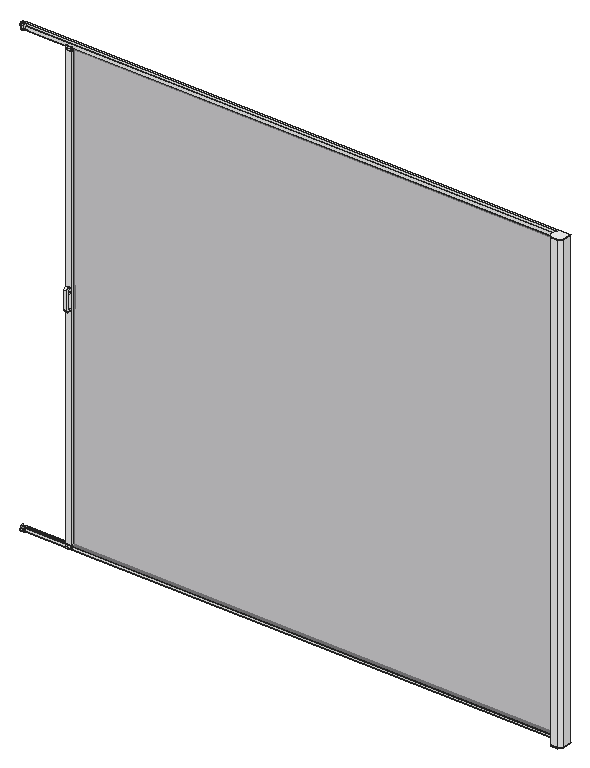
Revit family "Wall_Mount-Sliding-Phantom_Screens-Single_Parting-Manual_Wall_Screen-CS", category Specialty Equipment, Revit 2017 (continued)
Definition of nested family "Nested-Phantom_Screens-Manual-Extrusion-Latch"
  Forms (in)
    Extrusion 3, solid, material <- "Finish", visible <- "Bottom Cap"
      sketch origin (-7.53125, 0, 0) x (1, 0, 0) y (0, 0, 1)
        loop
          arc (7.41717, -0.24488) -> (7.45697, -0.1488) -> (7.55305, -0.109) r 0.13588
          line (7.55305, -0.109) -> (7.80413, -0.109)
          arc (7.80413, -0.109) -> (7.90074, -0.14902) -> (7.94076, -0.24564) r 0.13664
          line (7.94076, -0.24564) -> (7.94076, -0.39) -> (8.05396, -0.39) -> (8.05396, -0.03125) -> (7.9429, -0.03125) -> (7.4603, 0.19379)
          arc (7.4603, 0.19379) -> (7.41411, 0.19186) -> (7.38925, 0.15288) r 0.05
          line (7.38925, 0.15288) -> (7.37587, 0) -> (6.90087, 0) -> (6.90087, -0.39)
      from 0 to 0.53
    Extrusion 4, void
      sketch origin (0, -0.00195, -0.07813) x (0, 1, 0) y (0, 0, 1)
        loop
          arc (-0.28381, -0.31471) -> (-0.43414, -0.19941) -> (-0.55386, -0.05258) r 0.81687
          line (-0.55386, -0.05258) -> (-0.59957, -0.05258) -> (-0.59957, -0.44098) -> (-0.28381, -0.44098) -> (-0.28381, -0.31471)
      from -0.6543 to 0.54578
    Extrusion 5, void
      sketch origin (0, 0, -0.21215) x (0, 1, 0) y (0, 0, 1)
        loop
          line (0.07402, -0.67676) -> (0.07402, 0.29535) -> (-0.38672, 0.29535) -> (-0.38672, -0.67676) -> (0.07402, -0.67676)
      from -0.73725 to 0.72397
    Extrusion 6, void
      sketch origin (0, 0, 0.21215) x (0, 1, 0) y (0, 0, 1)
        loop
          line (0.07402, 0) -> (-0.38672, 0) -> (-0.38672, -0.29535) -> (0.07402, -0.29535) -> (0.07402, 0)
      from -0.73725 to 0.72397
  Cuts and joins
    Extrusion 2, Extrusion 5 cuts Extrusion 1
    Extrusion 4, Extrusion 6 cuts Extrusion 3
  Dimensions and locks (in)
    Extrusion 2 sketch curve to Extrusion 2 sketch curve to plane 6 "Front" to Extrusion 2 sketch curve to Extrusion 2 sketch curve = 0' - 0.41862" locked, 0' - 0.24424" locked, 0' - 0.02582" locked, 0' - 0.04571" locked
    plane 2 to Extrusion 2 sketch curve to Extrusion 2 sketch curve to Extrusion 2 sketch curve = 0' - 0.1307" locked, 0' - 0.26213" locked, 0' - 0.12628" locked
    Extrusion 1 sketch curve to Extrusion 1 sketch curve to Extrusion 1 sketch curve to Extrusion 1 sketch curve to Extrusion 1 sketch curve to Extrusion 1 sketch curve to plane 3 "Center (Left/Right)" to Extrusion 1 sketch curve to Extrusion 1 sketch curve to Extrusion 1 sketch curve to Extrusion 1 sketch curve = 0' - 0.1137" locked, 0' - 0.27363" locked, 0' - 0.08767" locked, 0' - 0.07777" locked, 0' - 0.03896" locked, 0' - 0.03865" locked, 0' - 0.09723" locked, 0' - 0.17564" locked, 0' - 0.13664" locked, 0' - 0.1132" locked
    Extrusion 1 sketch curve to Extrusion 1 sketch curve to level to Extrusion 1 sketch curve to Extrusion 1 sketch curve to Extrusion 1 sketch curve to Extrusion 1 sketch curve to Extrusion 1 sketch curve to Extrusion 1 sketch curve to Extrusion 1 sketch curve to Extrusion 1 sketch curve to Extrusion 1 sketch curve = 0' - 0.49891" locked, 0' - 0.39" locked, 0' - 0" locked, 0' - 0.109" locked, 0' - 0.13588" locked, 0' - 0" locked, 0' - 0" locked, 0' - 0.00075" locked, 0' - 0.14436" locked, 0' - 0" locked, 0' - 0" locked
    plane 5 "Right" to plane 3 "Center (Left/Right)" to plane 4 "Left" = 0' - 0.52271" locked, 0' - 0.63038" locked
    plane 1 "Back" to plane 6 "Front" = 0' - 0.53"
    Extrusion 4 sketch curve to Extrusion 4 sketch curve to Extrusion 4 sketch curve to Extrusion 4 sketch curve = 0' - 0.41862" locked, 0' - 0.27006" locked, 0' - 0.04571" locked
    Extrusion 4 sketch curve to Extrusion 4 sketch curve to Extrusion 4 sketch curve to plane 2 = 0' - 0.12628" locked, 0' - 0.26213" locked, 0' - 0.1307" locked
    Extrusion 3 sketch curve to Extrusion 3 sketch curve to Extrusion 3 sketch curve to Extrusion 3 sketch curve to Extrusion 3 sketch curve to Extrusion 3 sketch curve to Extrusion 3 sketch curve to Extrusion 3 sketch curve to Extrusion 3 sketch curve to Extrusion 3 sketch curve to Extrusion 3 sketch curve to Extrusion 3 sketch curve = 0' - 0.1137" locked, 0' - 0.27363" locked, 0' - 0.08767" locked, 0' - 0.01338" locked, 0' - 0.02792" locked, 0' - 0.04313" locked, 0' - 0.09275", 0' - 0.25107" locked, 0' - 0.13664" locked, 0' - 0.00214" locked, 0' - 0.11106" locked
    Extrusion 3 sketch curve to Extrusion 3 sketch curve to Extrusion 3 sketch curve to plane 2 to Extrusion 3 sketch curve to Extrusion 3 sketch curve to Extrusion 3 sketch curve to Extrusion 3 sketch curve to Extrusion 3 sketch curve to Extrusion 3 sketch curve to Extrusion 3 sketch curve to Extrusion 3 sketch curve to Extrusion 3 sketch curve = 0' - 0.04091" locked, 0' - 0.15288" locked, 0' - 0" locked, 0' - 0 1/32" locked, 0' - 0.07775" locked, 0' - 0.13588" locked, 0' - 0" locked, 0' - 0" locked, 0' - 0.00075" locked, 0' - 0.14436" locked, 0' - 0" locked, 0' - 0" locked
    Extrusion 5 sketch curve to level to Extrusion 5 sketch curve = 0' - 0.88891" locked, 0' - 0.08319" locked
    Extrusion 5 sketch curve to plane 1 "Back" to Extrusion 5 sketch curve = 0' - 0.07402" locked, 0' - 0 99/256" locked
    Extrusion 6 sketch curve to plane 2 to Extrusion 6 sketch curve = 0' - 0.21215" locked, 0' - 0.08319" locked
    Extrusion 6 sketch curve to plane 1 "Back" to Extrusion 6 sketch curve = 0' - 0.07402" locked, 0' - 0 99/256" locked
    aligned and locked: plane 2 to level
    aligned and locked: Extrusion 1 sketch curve to cut or joined group of Extrusion 3, Extrusion 4, Extrusion 6
Definition of nested family "Nested-Phantom_Screens-Manual-Recessed-Extrusion-Latch"
  Parameters (values of type "Bottom Cap")
    URL = "https://www.phantomscreens.com/"
    Type Comments = "Bottom Pull Cap"
    Model = "Retractable Door Screen"  # constant formula
    Manufacturer = "Phantom Mfg. (Int'l) Ltd."  # constant formula
    Finish = none
    Description = "For Phantom Mfg. Models Only"  # constant formula
    Bottom Offset = if(Bottom Cap, 0' 0 95/256", 0' 0")  # 0' - 0 95/256"
    Bottom Cap = yes
  Reference planes (in)
    plane 1 "Back": y = 0
    plane 2: z = 0
    plane 3 "Center (Left/Right)": x = 0
    plane 4 "Left": x = -0.63038
    plane 5 "Right": x = 0.52271
    plane 6 "Front": y = -0.53
  Forms (in)
    Extrusion 1, solid, material <- "Finish", visible <- "Bottom Cap"
      sketch origin (-7.53125, 0, 0) x (1, 0, 0) y (0, 0, 1)
        loop
          line (6.90087, -0.109) -> (8.05396, -0.109) -> (8.05396, -0.03125) -> (7.9429, -0.03125) -> (7.4603, 0.19379)
          arc (7.4603, 0.19379) -> (7.41411, 0.19186) -> (7.38925, 0.15288) r 0.05
          line (7.38925, 0.15288) -> (7.37587, 0) -> (6.90087, 0) -> (6.90087, -0.109)
      from 0 to 0.53
    Extrusion 2, void
      sketch origin (0, 0, 0.21215) x (0, 1, 0) y (0, 0, 1)
        loop
          line (-0.53, 0) -> (-0.53, -0.29535) -> (-0.1329, -0.29535) -> (-0.1329, 0) -> (-0.53, 0)
      from -0.73725 to 0.72397
  Cuts and joins
    Extrusion 2 cuts Extrusion 1
  Dimensions and locks (in)
    plane 5 "Right" to plane 3 "Center (Left/Right)" to plane 4 "Left" = 0' - 0.52271" locked, 0' - 0.63038" locked
    plane 1 "Back" to plane 6 "Front" = 0' - 0.53"
    Extrusion 1 sketch curve to Extrusion 1 sketch curve to Extrusion 1 sketch curve to Extrusion 1 sketch curve to Extrusion 1 sketch curve to Extrusion 1 sketch curve = 0' - 0.475", 0' - 0.01338" locked, 0' - 0.07105", 0' - 0.4826", 0' - 0.11106" locked
    Extrusion 1 sketch curve to Extrusion 1 sketch curve to Extrusion 1 sketch curve to plane 2 to Extrusion 1 sketch curve to Extrusion 1 sketch curve = 0' - 0.04091" locked, 0' - 0.15288" locked, 0' - 0" locked, 0' - 0 1/32" locked, 0' - 0.07775" locked
    Extrusion 2 sketch curve to plane 2 to Extrusion 2 sketch curve = 0' - 0.21215" locked, 0' - 0.08319" locked
    plane 1 "Back" to Extrusion 2 sketch curve to Extrusion 2 sketch curve = 0' - 0.1329", 0' - 0.3971"
    locked: Extrusion 2 to plane 6 "Front" at 0.3971
    aligned and locked: plane 2 to level
Definition of nested family "Nested-Detail-Phantom_Screens-Slide_Bar"
  Parameters (values of type "Slide Bar")
    URL = "https://www.phantomscreens.com/"
    Type Comments = "For Use With Phantom Models Only"  # constant formula
    Manufacturer = "Phantom Mfg. (Int'l) Ltd."  # constant formula
    Description = "Slide Bar"  # constant formula
  Reference planes (in)
    plane 1 "Center (Front/Back)": y = 0
    plane 2: z = 0
    plane 3 "Center (Left/Right)": x = 0
  Lines and regions (in)
    Masking region 1, in view "Ref. Level", detail levels medium+fine
      outline origin (0, 0.43304, 0) x (1, 0, 0) y (0, 1, 0)
        loop
          line (0.80708, -0.24652) -> (0.73563, -0.23476)
          arc (0.73563, -0.23476) -> (0.59606, -0.18402) -> (0.73563, -0.13328) r 0.07901
          line (0.73563, -0.13328) -> (0.80708, -0.12151)
          arc (0.80708, -0.12151) -> (0.8488, -0.10423) -> (0.86608, -0.06251) r 0.05901
          line (0.86608, -0.06251) -> (0.86608, -0.03)
          arc (0.86608, -0.03) -> (0.8573, -0.00879) -> (0.83608, 0) r 0.03
          line (0.83608, 0) -> (-0.64506, 0)
          arc (-0.64506, 0) -> (-0.66456, -0.0195) -> (-0.64506, -0.039) r 0.0195
          line (-0.64506, -0.039) -> (-0.59057, -0.039) -> (-0.59057, -0.10001) -> (-0.81748, -0.10001) -> (-0.81748, -0.039) -> (-0.76307, -0.039)
          arc (-0.76307, -0.039) -> (-0.74357, -0.0195) -> (-0.76307, 0) r 0.0195
          line (-0.76307, 0) -> (-0.86608, 0) -> (-0.86608, -0.27403) -> (-0.82708, -0.27403) -> (-0.82708, -0.23052)
          arc (-0.82708, -0.23052) -> (-0.79658, -0.20002) -> (-0.76607, -0.23052) r 0.0305
          line (-0.76607, -0.23052) -> (-0.76607, -0.27403) -> (-0.66606, -0.27403) -> (-0.66606, -0.35603) -> (-0.76607, -0.35603) -> (-0.76607, -0.39954)
          arc (-0.76607, -0.39954) -> (-0.79658, -0.43004) -> (-0.82708, -0.39954) r 0.0305
          line (-0.82708, -0.39954) -> (-0.82708, -0.35453) -> (-0.86608, -0.35453) -> (-0.86608, -0.66506) -> (-0.66506, -0.86608) -> (0.83608, -0.86608)
          arc (0.83608, -0.86608) -> (0.8573, -0.8573) -> (0.86608, -0.83608) r 0.03
          line (0.86608, -0.83608) -> (0.86608, -0.30553)
          arc (0.86608, -0.30553) -> (0.8488, -0.26381) -> (0.80708, -0.24652) r 0.05901
    Masking region 2, in view "Ref. Level", detail levels fine
      outline origin (0, 0.43304, 0) x (1, 0, 0) y (0, 1, 0)
        loop
          line (0.80708, -0.31203) -> (0.67506, -0.31203)
          arc (0.67506, -0.31203) -> (0.58455, -0.27454) -> (0.54705, -0.18402) r 0.12801
          line (0.54705, -0.18402) -> (0.54705, -0.05901) -> (-0.54365, -0.05901)
          arc (-0.54365, -0.05901) -> (-0.55302, -0.12128) -> (-0.60906, -0.15001) r 0.06901
          line (-0.60906, -0.15001) -> (-0.68357, -0.15001)
          arc (-0.68357, -0.15001) -> (-0.71605, -0.18372) -> (-0.68115, -0.21521) r 0.0325
          arc (-0.68115, -0.21521) -> (-0.6291, -0.23347) -> (-0.60706, -0.28403) r 0.06901
          line (-0.60706, -0.28403) -> (-0.60706, -0.34603)
          arc (-0.60706, -0.34603) -> (-0.62727, -0.39483) -> (-0.67606, -0.41504) r 0.06901
          line (-0.67606, -0.41504) -> (-0.71607, -0.41504) -> (-0.71607, -0.48905) -> (-0.80708, -0.48905) -> (-0.80708, -0.64062) -> (-0.64062, -0.80708) -> (-0.15401, -0.80708) -> (-0.15401, -0.71007)
          arc (-0.15401, -0.71007) -> (-0.14686, -0.66942) -> (-0.12625, -0.63366) r 0.11901
          arc (-0.12625, -0.63366) -> (-0.08539, -0.63004) -> (-0.08101, -0.67154) r 0.029
          arc (-0.08101, -0.67154) -> (-0.035, -0.77007) -> (0.01177, -0.6709) r 0.06001
          arc (0.01177, -0.6709) -> (0.01538, -0.63004) -> (0.05624, -0.63366) r 0.029
          arc (0.05624, -0.63366) -> (0.07685, -0.66942) -> (0.08401, -0.71007) r 0.11901
          line (0.08401, -0.71007) -> (0.08401, -0.80708) -> (0.80708, -0.80708) -> (0.80708, -0.31203)
    Masking region 3, in view "Ref. Level", detail levels coarse
      outline origin (0, 0, 0) x (1, 0, 0) y (0, 1, 0)
        loop
          line (-0.86608, 0.43304) -> (-0.86608, -0.43304) -> (0.86608, -0.43304) -> (0.86608, 0.43304) -> (-0.86608, 0.43304)
  Dimensions and locks (in)
    Masking region 1 sketch curve to Masking region 1 sketch curve to Masking region 1 sketch curve to Masking region 1 sketch curve to Masking region 1 sketch curve to Masking region 1 sketch curve to Masking region 1 sketch curve to Masking region 1 sketch curve to Masking region 1 sketch curve to Masking region 1 sketch curve to Masking region 1 sketch curve to Masking region 1 sketch curve to plane 3 "Center (Left/Right)" to Masking region 1 sketch curve to Masking region 1 sketch curve to Masking region 1 sketch curve to Masking region 1 sketch curve to Masking region 1 sketch curve to Masking region 1 sketch curve = 0' - 0" locked, 0' - 0.039" locked, 0' - 0" locked, 0' - 0.0096" locked, 0' - 0.05141" locked, 0' - 0" locked, 0' - 0.0225" locked, 0' - 0.07751" locked, 0' - 0.001" locked, 0' - 0.0005" locked, 0' - 0.07399" locked, 0' - 0.59057" locked, 0' - 0.59606" locked, 0' - 0.21102" locked, 0' - 0" locked, 0' - 0.029" locked, 0' - 0.03" locked, 0' - 0" locked
    Masking region 1 sketch curve to Masking region 1 sketch curve to Masking region 1 sketch curve to Masking region 1 sketch curve to Masking region 1 sketch curve to Masking region 1 sketch curve to Masking region 1 sketch curve to Masking region 1 sketch curve to Masking region 1 sketch curve to Masking region 1 sketch curve to Masking region 1 sketch curve to Masking region 1 sketch curve to Masking region 1 sketch curve to Masking region 1 sketch curve to Masking region 1 sketch curve to Masking region 1 sketch curve to plane 1 "Center (Front/Back)" to Masking region 1 sketch curve to Masking region 1 sketch curve = 0' - 0" locked, 0' - 0.039" locked, 0' - 0" locked, 0' - 0.0235" locked, 0' - 0.0375" locked, 0' - 0.005" locked, 0' - 0.0165" locked, 0' - 0.07851" locked, 0' - 0.0465" locked, 0' - 0.0275" locked, 0' - 0" locked, 0' - 0.0315" locked, 0' - 0.049" locked, 0' - 0.0015" locked, 0' - 0.07401" locked, 0' - 0.003" locked, 0' - 0.23202" locked, 0' - 0.20102" locked
    Masking region 2 sketch curve to Masking region 2 sketch curve to Masking region 2 sketch curve to Masking region 2 sketch curve to Masking region 2 sketch curve to Masking region 2 sketch curve to Masking region 2 sketch curve to Masking region 2 sketch curve to Masking region 2 sketch curve to Masking region 2 sketch curve to Masking region 2 sketch curve to Masking region 2 sketch curve to Masking region 2 sketch curve to Masking region 2 sketch curve = 0' - 0.09101" locked, 0' - 0" locked, 0' - 0.07545" locked, 0' - 0.03356" locked, 0' - 0.06701" locked, 0' - 0.38604" locked, 0' - 0.02777" locked, 0' - 0 1/32" locked, 0' - 0.15125" locked, 0' - 0.02777" locked, 0' - 0.46304" locked, 0' - 0.12801" locked, 0' - 0.13201" locked
    Masking region 2 sketch curve to Masking region 2 sketch curve to Masking region 2 sketch curve to Masking region 2 sketch curve to Masking region 2 sketch curve to Masking region 2 sketch curve to Masking region 2 sketch curve to Masking region 2 sketch curve to Masking region 2 sketch curve to Masking region 2 sketch curve to Masking region 2 sketch curve to Masking region 2 sketch curve to Masking region 2 sketch curve = 0' - 0.09101" locked, 0' - 0.034" locked, 0' - 0.031" locked, 0' - 0.09701" locked, 0' - 0.10301" locked, 0' - 0.07401" locked, 0' - 0.13423" locked, 0' - 0" locked, 0' - 0.01735" locked, 0' - 0.12945" locked, 0' - 0.037" locked, 0' - 0" locked
    Masking region 3 sketch curve to plane 1 "Center (Front/Back)" to Masking region 3 sketch curve = 0' - 0.43304" locked, 0' - 0.43304" locked
    Masking region 3 sketch curve to plane 3 "Center (Left/Right)" to Masking region 3 sketch curve = 0' - 0.86608" locked, 0' - 0.86608" locked
Definition of nested family "Nested-Detail-Phantom_Screens-Manual-Housing"
  Parameters (values of type "Housing")
    URL = "https://www.phantomscreens.com/"
    Type Comments = "For Use With Phantom Models Only"  # constant formula
    Manufacturer = "Phantom Mfg. (Int'l) Ltd."  # constant formula
    Description = "Housing"  # constant formula
  Reference planes (in)
    plane 1 "Center (Front/Back)": y = 0
    plane 2: z = 0
    plane 3 "Center (Left/Right)": x = 0
  Lines and regions (in)
    Masking region 1, in view "Ref. Level", detail levels medium+fine
      outline origin (0, 0.43304, 0) x (1, 0, 0) y (0, 1, 0)
        loop
          line (1.58026, -1.00957) -> (1.58026, 0.40012) -> (1.50025, 0.40012) -> (1.50025, -0.98434) -> (0.90989, -1.82746)
          arc (0.90989, -1.82746) -> (0.88351, -1.77038) -> (0.83269, -1.73335) r 0.12506
          arc (0.83269, -1.73335) -> (0.79053, -1.75167) -> (0.80885, -1.79383) r 0.03251
          arc (0.80885, -1.79383) -> (0.81598, -1.90219) -> (0.72776, -1.83886) r 0.06005
          arc (0.72776, -1.83886) -> (0.70165, -1.80103) -> (0.66382, -1.82713) r 0.03251
          arc (0.66382, -1.82713) -> (0.66644, -1.88357) -> (0.69364, -1.9331) r 0.12506
          line (0.69364, -1.9331) -> (-0.69364, -1.9331)
          arc (-0.69364, -1.9331) -> (-0.66644, -1.88357) -> (-0.66382, -1.82713) r 0.12506
          arc (-0.66382, -1.82713) -> (-0.70165, -1.80103) -> (-0.72776, -1.83886) r 0.03251
          arc (-0.72776, -1.83886) -> (-0.81598, -1.90219) -> (-0.80885, -1.79383) r 0.06005
          arc (-0.80885, -1.79383) -> (-0.79053, -1.75167) -> (-0.83269, -1.73335) r 0.03251
          arc (-0.83269, -1.73335) -> (-0.88351, -1.77038) -> (-0.90989, -1.82746) r 0.12506
          line (-0.90989, -1.82746) -> (-1.50025, -0.98434) -> (-1.50025, 0.48091)
          arc (-1.50025, 0.48091) -> (-1.41945, 0.44906) -> (-1.3374, 0.47751) r 0.12506
          arc (-1.3374, 0.47751) -> (-1.33295, 0.52327) -> (-1.3787, 0.52772) r 0.03251
          arc (-1.3787, 0.52772) -> (-1.4769, 0.5741) -> (-1.3787, 0.62047) r 0.06005
          arc (-1.3787, 0.62047) -> (-1.34417, 0.61618) -> (-1.32555, 0.64558) r 0.03251
          line (-1.32555, 0.64558) -> (-1.32555, 0.81668)
          arc (-1.32555, 0.81668) -> (-1.35805, 0.84918) -> (-1.39056, 0.81668) r 0.03251
          line (-1.39056, 0.81668) -> (-1.39056, 0.69916) -> (-1.58026, 0.69916) -> (-1.58026, -1.00957) -> (-0.87757, -2.01311) -> (0.87757, -2.01311) -> (1.58026, -1.00957)
        loop
          line (-1.29692, 1.14703) -> (-1.29692, 1.10765) -> (-1.22201, 1.10765) -> (-1.22201, 1.04662) -> (-1.44862, 1.04662) -> (-1.44862, 1.10765) -> (-1.37568, 1.10765) -> (-1.37568, 1.14703) -> (-1.57998, 1.14703) -> (-1.57998, 0.94295) -> (-1.5406, 0.94295) -> (-1.5406, 1.01831) -> (-1.47957, 1.01831) -> (-1.47957, 0.78853) -> (-1.5406, 0.78853) -> (-1.5406, 0.86318) -> (-1.57998, 0.86318) -> (-1.57998, 0.72316) -> (-1.41456, 0.72316) -> (-1.41456, 0.98161) -> (-1.09681, 0.98161) -> (-1.05958, 0.90417)
          arc (-1.05958, 0.90417) -> (-1.01383, 0.89971) -> (-1.00937, 0.94547) r 0.03251
          arc (-1.00937, 0.94547) -> (-0.963, 1.04366) -> (-0.91662, 0.94547) r 0.06005
          arc (-0.91662, 0.94547) -> (-0.91216, 0.89971) -> (-0.86641, 0.90417) r 0.03251
          arc (-0.86641, 0.90417) -> (-0.83796, 0.98622) -> (-0.8698, 1.06701) r 0.12506
          line (-0.8698, 1.06701) -> (0.8569, 1.06701) -> (0.84044, 1.0056)
          arc (0.84044, 1.0056) -> (0.8625, 0.96139) -> (0.90371, 0.98864) r 0.033
          arc (0.90371, 0.98864) -> (1.00726, 1.02479) -> (0.965, 0.92358) r 0.06005
          arc (0.965, 0.92358) -> (0.93999, 0.89173) -> (0.965, 0.85987) r 0.03279
          line (0.965, 0.85987) -> (1.02395, 0.85987) -> (1.02395, 0.70116)
          arc (1.02395, 0.70116) -> (1.05168, 0.63422) -> (1.11862, 0.60649) r 0.09467
          line (1.11862, 0.60649) -> (1.20344, 0.60649)
          arc (1.20344, 0.60649) -> (1.23594, 0.63898) -> (1.20344, 0.67148) r 0.03249
          line (1.20344, 0.67148) -> (1.08861, 0.67148) -> (1.08861, 1.06701) -> (1.50052, 1.06701) -> (1.50052, 0.75413) -> (1.58054, 0.75413) -> (1.58054, 1.14703) -> (-1.29692, 1.14703)
    Masking region 2, in view "Ref. Level", detail levels coarse
      outline origin (0, 0, 0) x (1, 0, 0) y (0, 1, 0)
        loop
          line (-1.58026, 1.58007) -> (-1.58026, -1.58007) -> (1.58026, -1.58007) -> (1.58026, 1.58007) -> (-1.58026, 1.58007)
  Dimensions and locks (in)
    Masking region 2 sketch curve to plane 1 "Center (Front/Back)" to Masking region 2 sketch curve = 0' - 1.58007" locked, 0' - 1.58007" locked
    Masking region 2 sketch curve to plane 3 "Center (Left/Right)" to Masking region 2 sketch curve = 0' - 1.58026" locked, 0' - 1.58026" locked
    Masking region 1 sketch curve to Masking region 1 sketch curve to Masking region 1 sketch curve to Masking region 1 sketch curve to Masking region 1 sketch curve to Masking region 1 sketch curve to Masking region 1 sketch curve to Masking region 1 sketch curve to Masking region 1 sketch curve to Masking region 1 sketch curve to Masking region 1 sketch curve to Masking region 1 sketch curve to Masking region 1 sketch curve to Masking region 1 sketch curve to plane 1 "Center (Front/Back)" to Masking region 1 sketch curve to Masking region 1 sketch curve to Masking region 1 sketch curve to Masking region 1 sketch curve to Masking region 1 sketch curve to Masking region 1 sketch curve to Masking region 1 sketch curve to Masking region 1 sketch curve to Masking region 1 sketch curve to Masking region 1 sketch curve to Masking region 1 sketch curve to Masking region 1 sketch curve to Masking region 1 sketch curve to Masking region 1 sketch curve to Masking region 1 sketch curve to Masking region 1 sketch curve to Masking region 1 sketch curve to Masking region 1 sketch curve to Masking region 1 sketch curve to Masking region 1 sketch curve to Masking region 1 sketch curve to Masking region 1 sketch curve to Masking region 1 sketch curve to Masking region 1 sketch curve to Masking region 1 sketch curve to Masking region 1 sketch curve to Masking region 1 sketch curve to Masking region 1 sketch curve to Masking region 1 sketch curve = 0' - 0.08001" locked, 0' - 0.02335" locked, 0' - 0" locked, 0' - 0.08229" locked, 0' - 0" locked, 0' - 0.02696" locked, 0' - 0" locked, 0' - 0.06941" locked, 0' - 0" locked, 0' - 0.72151" locked, 0' - 0" locked, 0' - 0.02523" locked, 0' - 0" locked, 0' - 0.5513" locked, 0' - 0.83316" locked, 0' - 0.04892" locked, 0' - 0.06501" locked, 0' - 0.09244" locked, 0' - 0.06499" locked, 0' - 0.02768" locked, 0' - 0.002" locked, 0' - 0.022" locked, 0' - 0.03097" locked, 0' - 0.0344" locked, 0' - 0.06065" locked, 0' - 0.00975" locked, 0' - 0.00094" locked, 0' - 0.00331" locked, 0' - 0.02913" locked, 0' - 0" locked, 0' - 0.05063" locked, 0' - 0.01732" locked, 0' - 0.02134" locked, 0' - 0.0367" locked, 0' - 0.02536" locked, 0' - 0" locked, 0' - 0.00295" locked, 0' - 0.0204" locked, 0' - 0" locked, 0' - 0.04064" locked, 0' - 0" locked, 0' - 0.03938" locked, 0' - 0" locked
    Masking region 1 sketch curve to Masking region 1 sketch curve to Masking region 1 sketch curve to Masking region 1 sketch curve to Masking region 1 sketch curve to Masking region 1 sketch curve to Masking region 1 sketch curve to Masking region 1 sketch curve to Masking region 1 sketch curve to Masking region 1 sketch curve to Masking region 1 sketch curve to Masking region 1 sketch curve to Masking region 1 sketch curve to Masking region 1 sketch curve to Masking region 1 sketch curve to Masking region 1 sketch curve to Masking region 1 sketch curve to Masking region 1 sketch curve to Masking region 1 sketch curve to Masking region 1 sketch curve to Masking region 1 sketch curve to Masking region 1 sketch curve to Masking region 1 sketch curve to Masking region 1 sketch curve to Masking region 1 sketch curve to plane 3 "Center (Left/Right)" to Masking region 1 sketch curve to Masking region 1 sketch curve to Masking region 1 sketch curve to Masking region 1 sketch curve to Masking region 1 sketch curve to Masking region 1 sketch curve to Masking region 1 sketch curve to Masking region 1 sketch curve to Masking region 1 sketch curve to Masking region 1 sketch curve to Masking region 1 sketch curve to Masking region 1 sketch curve to Masking region 1 sketch curve to Masking region 1 sketch curve to Masking region 1 sketch curve to Masking region 1 sketch curve to Masking region 1 sketch curve to Masking region 1 sketch curve = 0' - 0.00028" locked, 0' - 0" locked, 0' - 0.03938" locked, 0' - 0" locked, 0' - 0.04036" locked, 0' - 0.02068" locked, 0' - 0.00267" locked, 0' - 0.02828" locked, 0' - 0.05806" locked, 0' - 0.01488" locked, 0' - 0.05013" locked, 0' - 0" locked, 0' - 0.02862" locked, 0' - 0.07491" locked, 0' - 0.22004" locked, 0' - 0.07795" locked, 0' - 0.01413" locked, 0' - 0.00695" locked, 0' - 0.02537" locked, 0' - 0.0307" locked, 0' - 0.00894" locked, 0' - 0.04967" locked, 0' - 0.05997" locked, 0' - 0.06653" locked, 0' - 0.66177" locked, 0' - 0.66328" locked, 0' - 0.03035" locked, 0' - 0.09463" locked, 0' - 0.04978" locked, 0' - 0.00883" locked, 0' - 0.01002" locked, 0' - 0.02068" locked, 0' - 0.03232" locked, 0' - 0.0301" locked, 0' - 0.08361" locked, 0' - 0.00035" locked, 0' - 0.06466" locked, 0' - 0.03" locked, 0' - 0.11732" locked, 0' - 0.26431" locked, 0' - 0.00028" locked, 0' - 0.07973" locked, 0' - 0.00028" locked
Definition of nested family "Nested-Detail-Phantom_Screens-Manual-Bottom-Track"
  Parameters (values of type "Bottom Track")
    URL = "https://www.phantomscreens.com/"
    Type Comments = "For Use With Phantom Models Only"  # constant formula
    Manufacturer = "Phantom Mfg. (Int'l) Ltd."  # constant formula
    Description = "Bottom Track"  # constant formula
  Reference planes (in)
    plane 1 "Center (Front/Back)": y = 0
    plane 2: z = 0
    plane 3 "Center (Left/Right)": x = 0
  Lines and regions (in)
    Masking region 1, in view "Ref. Level", detail levels fine
      outline origin (-19.99681, 3.41201, 0) x (1, 0, 0) y (0, 1, 0)
        loop
          line (20.33837, -2.99169) -> (19.65526, -2.99169) -> (19.65526, -2.71164) -> (20.01532, -2.71164) -> (20.01532, -2.63163) -> (19.65526, -2.63163) -> (19.65526, -2.36358) -> (19.5751, -2.36358) -> (19.5751, -3.0717) -> (19.97531, -3.0717) -> (19.97531, -3.33174) -> (19.5751, -3.33174) -> (19.5751, -3.41201) -> (20.05532, -3.41201) -> (20.05532, -3.0717) -> (20.40334, -3.0717) -> (20.40334, -2.51366)
          arc (20.40334, -2.51366) -> (20.37086, -2.36358) -> (20.33837, -2.51366) r 0.07856
          line (20.33837, -2.51366) -> (20.33837, -2.99169)
    Masking region 2, in view "Ref. Level", detail levels coarse
      outline origin (0, 0, 0) x (1, 0, 0) y (0, 1, 0)
        loop
          line (-0.42171, 1.04843) -> (-0.42171, 0) -> (0.45351, 0) -> (0.45351, 1.04843) -> (-0.42171, 1.04843)
  Dimensions and locks (in)
    Masking region 2 sketch curve to plane 1 "Center (Front/Back)" to Masking region 2 sketch curve = 0' - 0" locked, 0' - 1.04843" locked
    Masking region 2 sketch curve to plane 3 "Center (Left/Right)" to Masking region 2 sketch curve = 0' - 0.42171" locked, 0' - 0.45351" locked
    Masking region 1 sketch curve to Masking region 1 sketch curve to Masking region 1 sketch curve to Masking region 1 sketch curve to Masking region 1 sketch curve to plane 3 "Center (Left/Right)" to Masking region 1 sketch curve to Masking region 1 sketch curve to Masking region 1 sketch curve to Masking region 1 sketch curve to Masking region 1 sketch curve = 0' - 0" locked, 0' - 0.08016" locked, 0' - 0" locked, 0' - 0.32005" locked, 0' - 0.0215" locked, 0' - 0.0185" locked, 0' - 0.04001" locked, 0' - 0.28305" locked, 0' - 0.06497" locked, 0' - 0.04607" locked
    plane 1 "Center (Front/Back)" to Masking region 1 sketch curve to Masking region 1 sketch curve to Masking region 1 sketch curve to Masking region 1 sketch curve to Masking region 1 sketch curve to Masking region 1 sketch curve to Masking region 1 sketch curve to Masking region 1 sketch curve to Masking region 1 sketch curve = 0' - 0" locked, 0' - 0.08027" locked, 0' - 0.26004" locked, 0' - 0" locked, 0' - 0.08001" locked, 0' - 0.28005" locked, 0' - 0.08001" locked, 0' - 0.26804" locked, 0' - 0" locked
Definition of nested family "Nested-Detail-Phantom_Screens-Manual-Recessed_Track"
  Parameters (values of type "Recessed Track")
    URL = "https://www.phantomscreens.com/"
    Type Comments = "For Use With Phantom Models Only"  # constant formula
    Manufacturer = "Phantom Mfg. (Int'l) Ltd."  # constant formula
    Description = "Recessed Track"  # constant formula
  Reference planes (in)
    plane 1 "Center (Front/Back)": y = 0
    plane 2: z = 0
    plane 3 "Center (Left/Right)": x = 0
  Lines and regions (in)
    Masking region 1, in view "Ref. Level", detail levels fine
      outline origin (-20.32522, 3.59704, 0) x (1, 0, 0) y (0, 1, 0)
        loop
          line (20.33837, -2.99169) -> (19.65526, -2.99169) -> (19.65526, -2.71164) -> (20.01532, -2.71164) -> (20.01532, -2.63163) -> (19.65526, -2.63163) -> (19.65526, -2.36358) -> (19.5751, -2.36358) -> (19.5751, -3.0717) -> (19.97531, -3.0717) -> (19.97531, -3.33174) -> (19.5751, -3.33174) -> (19.5751, -3.41201) -> (20.05532, -3.41201) -> (20.05532, -3.0717) -> (20.32333, -3.0717) -> (20.32333, -3.29474) -> (20.55733, -3.29474) -> (20.55733, -3.41201) -> (20.63734, -3.41201) -> (20.63734, -3.29474) -> (20.98047, -3.29474) -> (20.98047, -3.41201) -> (21.04048, -3.41201) -> (21.04048, -3.21472) -> (20.40334, -3.21472) -> (20.40334, -2.51366)
          arc (20.40334, -2.51366) -> (20.37086, -2.36358) -> (20.33837, -2.51366) r 0.07856
          line (20.33837, -2.51366) -> (20.33837, -2.99169)
    Masking region 2, in view "Ref. Level", detail levels coarse
      outline origin (0, 0, 0) x (1, 0, 0) y (0, 1, 0)
        loop
          line (-0.81013, 1.25021) -> (-0.81013, 0) -> (0.81013, 0) -> (0.81013, 1.25021) -> (-0.81013, 1.25021)
    Masking region 3, in view "Ref. Level", detail levels medium+fine
      outline origin (-20.32522, 3.164, 0) x (1, 0, 0) y (0, 1, 0)
        loop
          line (19.51509, -1.9138) -> (19.51509, -3.164) -> (19.5951, -3.164) -> (19.5951, -3.03898) -> (20.07268, -3.03898) -> (20.07268, -3.164) -> (20.57776, -3.164) -> (20.57776, -3.03898) -> (21.05534, -3.03898) -> (21.05534, -3.164) -> (21.13536, -3.164) -> (21.13536, -1.9138) -> (21.07535, -1.9138) -> (21.07535, -2.97897) -> (20.51775, -2.97897) -> (20.51775, -3.10399) -> (20.13269, -3.10399) -> (20.13269, -2.97897) -> (19.5751, -2.97897) -> (19.5751, -1.9138) -> (19.51509, -1.9138)
  Dimensions and locks (in)
    Masking region 2 sketch curve to plane 1 "Center (Front/Back)" to Masking region 2 sketch curve = 0' - 0" locked, 0' - 1.25021" locked
    Masking region 2 sketch curve to plane 3 "Center (Left/Right)" to Masking region 2 sketch curve = 0' - 0.81013" locked, 0' - 0.81013" locked
    Masking region 3 sketch curve to Masking region 3 sketch curve to Masking region 3 sketch curve to Masking region 3 sketch curve to Masking region 3 sketch curve to plane 3 "Center (Left/Right)" to Masking region 3 sketch curve to Masking region 3 sketch curve to Masking region 3 sketch curve to Masking region 3 sketch curve to Masking region 3 sketch curve = 0' - 0.06001" locked, 0' - 0.02" locked, 0' - 0.47758" locked, 0' - 0.06001" locked, 0' - 0.19253" locked, 0' - 0.19253" locked, 0' - 0.06001" locked, 0' - 0.47758" locked, 0' - 0.02" locked, 0' - 0.06001" locked
    plane 1 "Center (Front/Back)" to Masking region 3 sketch curve to Masking region 3 sketch curve to Masking region 3 sketch curve to Masking region 3 sketch curve to Masking region 3 sketch curve to Masking region 3 sketch curve to Masking region 3 sketch curve to Masking region 3 sketch curve to Masking region 3 sketch curve to Masking region 3 sketch curve = 0' - 0" locked, 0' - 0" locked, 0' - 0" locked, 0' - 0.06001" locked, 0' - 0.06501" locked, 0' - 0" locked, 0' - 0.06001" locked, 0' - 0" locked, 0' - 1.06517" locked, 0' - 0" locked
    Masking region 1 sketch curve to Masking region 1 sketch curve to Masking region 1 sketch curve to Masking region 1 sketch curve to Masking region 1 sketch curve to Masking region 1 sketch curve to Masking region 1 sketch curve to Masking region 1 sketch curve to plane 3 "Center (Left/Right)" to Masking region 1 sketch curve to Masking region 1 sketch curve to Masking region 1 sketch curve to Masking region 1 sketch curve to Masking region 1 sketch curve to Masking region 1 sketch curve to Masking region 1 sketch curve = 0' - 0" locked, 0' - 0.08016" locked, 0' - 0" locked, 0' - 0.32005" locked, 0' - 0.04001" locked, 0' - 0.04001" locked, 0' - 0.268" locked, 0' - 0.0019" locked, 0' - 0.01315" locked, 0' - 0.06497" locked, 0' - 0.04607" locked, 0' - 0.10792" locked, 0' - 0.08001" locked, 0' - 0.34314" locked, 0' - 0.06001" locked
    plane 1 "Center (Front/Back)" to Masking region 1 sketch curve to Masking region 1 sketch curve to Masking region 1 sketch curve to Masking region 1 sketch curve to Masking region 1 sketch curve to Masking region 1 sketch curve to Masking region 1 sketch curve to Masking region 1 sketch curve to Masking region 1 sketch curve to Masking region 1 sketch curve to Masking region 1 sketch curve to Masking region 1 sketch curve to Masking region 1 sketch curve to Masking region 1 sketch curve = 0' - 0.18503" locked, 0' - 0" locked, 0' - 0" locked, 0' - 0.08027" locked, 0' - 0.03701" locked, 0' - 0" locked, 0' - 0.08001" locked, 0' - 0.14302" locked, 0' - 0" locked, 0' - 0.08001" locked, 0' - 0.28005" locked, 0' - 0.08001" locked, 0' - 0.26804" locked, 0' - 0" locked
Definition of nested family "Nested-Detail-Phantom_Screens-Manual-Top_Track"
  Parameters (values of type "Recessed Track")
    URL = "https://www.phantomscreens.com/"
    Type Comments = "For Use With Phantom Models Only"  # constant formula
    Manufacturer = "Phantom Mfg. (Int'l) Ltd."  # constant formula
    Description = "Top Track"  # constant formula
  Reference planes (in)
    plane 1 "Center (Front/Back)": y = 0
    plane 2: z = 0
    plane 3 "Center (Left/Right)": x = 0
  Lines and regions (in)
    Masking region 1, in view "Ref. Level", detail levels coarse
      outline origin (0, 0, 0) x (1, 0, 0) y (0, 1, 0)
        loop
          line (-0.4215, 1.625) -> (-0.4215, 0) -> (0.45172, 0) -> (0.45172, 1.625) -> (-0.4215, 1.625)
    Masking region 2, in view "Ref. Level", detail levels medium+fine
      outline origin (0, 0, 0) x (1, 0, 0) y (0, 1, 0)
        loop
          line (-0.4215, 1.5) -> (-0.3565, 1.5) -> (-0.3565, 1.56) -> (0.0785, 1.56) -> (0.0785, 1.09) -> (-0.4215, 1.09) -> (-0.4215, 0.268) -> (-0.0025, 0.268) -> (-0.0025, 0.348) -> (-0.3415, 0.348) -> (-0.3415, 1.01) -> (0.3415, 1.01) -> (0.3415, 0.15006)
          arc (0.3415, 0.15006) -> (0.37398, 0) -> (0.40646, 0.15006) r 0.07854
          line (0.40646, 0.15006) -> (0.40646, 1.09) -> (0.1585, 1.09) -> (0.1585, 1.625) -> (-0.4215, 1.625) -> (-0.4215, 1.5)
  Dimensions and locks (in)
    Masking region 1 sketch curve to plane 1 "Center (Front/Back)" to Masking region 1 sketch curve = 0' - 0" locked, 0' - 1 5/8" locked
    Masking region 1 sketch curve to plane 3 "Center (Left/Right)" to Masking region 1 sketch curve = 0' - 0.4215" locked, 0' - 0.45172" locked
    Masking region 2 sketch curve to Masking region 2 sketch curve to Masking region 2 sketch curve to Masking region 2 sketch curve to Masking region 2 sketch curve to plane 3 "Center (Left/Right)" to Masking region 2 sketch curve to Masking region 2 sketch curve to Masking region 2 sketch curve to Masking region 2 sketch curve to Masking region 2 sketch curve = 0' - 0" locked, 0' - 0.065" locked, 0' - 0.015" locked, 0' - 0.339" locked, 0' - 0.0025" locked, 0' - 0.0785" locked, 0' - 0.08" locked, 0' - 0.13694" locked, 0' - 0.04606" locked, 0' - 0.06496" locked
    plane 1 "Center (Front/Back)" to Masking region 2 sketch curve to Masking region 2 sketch curve to Masking region 2 sketch curve to Masking region 2 sketch curve to Masking region 2 sketch curve to Masking region 2 sketch curve to Masking region 2 sketch curve to Masking region 2 sketch curve to Masking region 2 sketch curve = 0' - 0" locked, 0' - 0.268" locked, 0' - 0.08" locked, 0' - 0.662" locked, 0' - 0.08" locked, 0' - 0" locked, 0' - 0.41" locked, 0' - 0.06" locked, 0' - 0.065" locked
